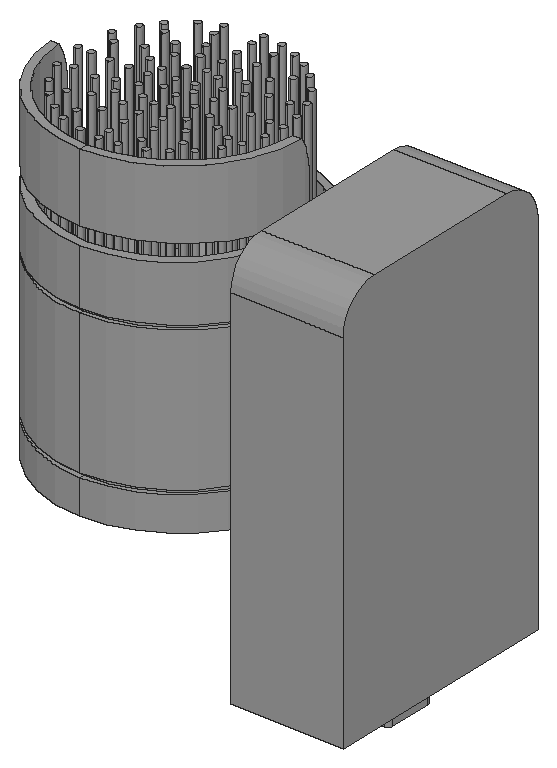
Revit family "Alcon - 13127MD Revit - Family", category Generic Models, host Face, Revit 2025
Family settings
  Host = Face
  Can host rebar = No
  Round Connector Dimension = Use Diameter
  Part Type = Normal
  Cut with Voids When Loaded = No
  Maintain Annotation Orientation = No
  Shared = No
  Room Calculation Point = No
Parameters
  URL = "https://www.alconlighting.com/?srsltid=AfmBOooDPhGQ0dEP-X2PMtxFfvvWpIAEL4jCll_O2F4_to5onvhnBomy"
  Product Page URL = ""
  Model = "13127-MD"
  Manufacturer = "ALCON Lighting"
  Fixture Rotation = 90.00°
  Default Elevation = 4' - 0"
  Body = Default
Reference planes (in)
  plane 1 "Center (Front/Back)": y = 0
  plane 2: z = 0
  plane 3 "Center (Left/Right)": x = 0
Forms (in)
  Extrusion 1, solid, material "Default" <- "Body"
    sketch origin (0, -2.01929, 6.375) x (0, -1, 0) y (0, 0, -1)
      loop
        line (-3.76929, 5.875) -> (-3.76929, 0.56096)
        arc (-3.76929, 0.56096) -> (-3.60499, 0.1643) -> (-3.20833, 0) r 0.56096
        line (-3.20833, 0) -> (-0.83179, 0)
        arc (-0.83179, 0) -> (-0.43404, 0.16475) -> (-0.26929, 0.5625) r 0.5625
        line (-0.26929, 0.5625) -> (-0.26929, 5.875) -> (-3.76929, 5.875)
    from 0 to 1.625
  Extrusion 2, solid, material "Default" <- "Body"
    sketch origin (0.8125, 0, 0.5) x (0, 1, 0) y (1, 0, 0)
      loop
        arc (-0.375, -0.3125) -> (-0.35669, -0.35669) -> (-0.3125, -0.375) r 0.0625
        line (-0.3125, -0.375) -> (0.3125, -0.375)
        arc (0.3125, -0.375) -> (0.35669, -0.35669) -> (0.375, -0.3125) r 0.0625
        line (0.375, -0.3125) -> (0.375, 0.3125)
        arc (0.375, 0.3125) -> (0.35669, 0.35669) -> (0.3125, 0.375) r 0.0625
        line (0.3125, 0.375) -> (-0.3125, 0.375)
        arc (-0.3125, 0.375) -> (-0.35669, 0.35669) -> (-0.375, 0.3125) r 0.0625
        line (-0.375, 0.3125) -> (-0.375, -0.3125)
    from 0 to 0.5
Lines and regions (in)
  reference lines
    curve 1: line (0, 5.251, 5.01399) -> (0, -6.499, 5.01399)
Dimensions and locks (in)
  "Fixture Rotation": angle nested 1 to curve 1
  aligned and locked: plane 2 to host face
  aligned and locked: level to host face
Automatic sketch dimensions
  host sketch curve to host sketch curve = 8' - 0"  (x2)
  level to Extrusion 1 sketch curve = 0' - 0 1/2"
  Extrusion 1 sketch curve to plane 1 "Center (Front/Back)" = 0' - 1 3/4"
  Extrusion 1 sketch curve to Extrusion 1 sketch curve = 0' - 0.56096"
  plane 1 "Center (Front/Back)" to Extrusion 1 sketch curve = 0' - 1 3/16"
  plane 1 "Center (Front/Back)" to Extrusion 1 sketch curve = 0' - 1 3/4"
  Extrusion 1 sketch curve to Extrusion 1 sketch curve = 0' - 5 5/16"
  plane 1 "Center (Front/Back)" to Extrusion 2 sketch curve = 0' - 0 3/8"
  Extrusion 2 sketch curve to Extrusion 2 sketch curve = 0' - 0 1/16"  (x3)
  Extrusion 2 sketch curve to plane 1 "Center (Front/Back)" = 0' - 0 5/16"  (x2)
  plane 3 "Center (Left/Right)" to Extrusion 2 sketch curve = 0' - 1 3/16"
  plane 3 "Center (Left/Right)" to Extrusion 2 sketch curve = 0' - 0 1/2"
  plane 1 "Center (Front/Back)" to curve 1 = 0' - 6.499"
  level to curve 1 = 0' - 5.01399"
  curve 1 to plane 1 "Center (Front/Back)" = 0' - 5.251"
Nested families (in)
  nested 1: "Alcon - 13127MD Cylinder" at (-2.12442, -0.00396, 5.96463) x (0, 0, 1) z (1, 0, 0), type "Alcon - 13127MD Cylinder"
    with built-in parameter 1001306 0.22917 (stored number, unit not read)
Definition of nested family "Alcon - 13127MD Cylinder"
  Parameters (values of type "Alcon - 13127MD Cylinder")
    Wattage = 9.2903 W
    built-in parameter 1150110 = 1 (stored number, unit not read)
    built-in parameter 1114217 = 1 (stored number, unit not read)
    Tilt Angle = 60.00°
    built-in parameter 1150109 = 1 (stored number, unit not read)
    built-in parameter 1150134 = 3
    built-in parameter 1150113 = 1 (stored number, unit not read)
    built-in parameter 1010507 = 1.5708 (stored number, unit not read)
    built-in parameter 1010506 = 0.5236 (stored number, unit not read)
    built-in parameter 1150105 = 4614.1 (stored number, unit not read)
    Lumens = 1380 lm
    built-in parameter 1150115 = 1 (stored number, unit not read)
    Light Source Symbol Length = 10' - 0"
    built-in parameter 1150137 = (empty or 0)
    built-in parameter 1150139 = (empty or 0)
    built-in parameter 1001306 [instance] = 4' - 0"
    built-in parameter 1150112 = 1 (stored number, unit not read)
    built-in parameter 1150114 = 1 (stored number, unit not read)
    built-in parameter 1150132 = (empty or 0)
    built-in parameter 1150102 = (empty or 0)
    built-in parameter 1150107 = 3200 (stored number, unit not read)
    built-in parameter 1150138 = (empty or 0)
    built-in parameter 1150106 = 46.141 (stored number, unit not read)
    Glass = none
    built-in parameter 1150104 = 13.8 (stored number, unit not read)
    Dimming Lamp Color Temperature Shift = (empty or 0)
    Default Elevation = 0' - 0"
    Color Filter = 16777215
    Body = none
    built-in parameter 1114218 = 1 (stored number, unit not read)
    built-in parameter 1150133 = 10 (stored number, unit not read)
  Reference planes (in)
    plane 1 "Center (Front/Back)": y = 0
    plane 2: z = 0
    plane 3 "Left": x = 0
    plane 4 "Right": x = 48
  Forms (in)
    Revolve 1, solid, material <- "Body"
      sketch origin (1, 0, 0) x (-1, 0, 0) y (0, -1, 0)
        loop
          line (0, -1.8125) -> (2.0625, -1.8125) -> (2.0625, -1.75) -> (2.125, -1.75) -> (2.125, -1.8125) -> (4.1875, -1.8125) -> (4.1875, -1.75) -> (4.25, -1.75) -> (4.25, -1.8125) -> (4.75, -1.8125) -> (4.75, -1.6875) -> (4.5, -1.6875) -> (4.5, -1.4375) -> (4.375, -1.4375) -> (4.375, -1.6875) -> (2.875, -1.6875) -> (2.875, 0) -> (1.95065, 0) -> (1.95065, -1.6875) -> (0, -1.6875) -> (0, -1.8125)
        axis (0, 0) -> (4.75, 0)
      angle from 0 to 360
    Extrusion 2, void
      sketch origin (1, 0, 0) x (-1, 0, 0) y (0, -1, 0)
        loop
          line (1.02283, -0.34158) -> (0.99157, -2.19958) -> (1.26241, -2.19958) -> (1.23115, -0.34158)
          arc (1.23115, -0.34158) -> (1.12699, -0.23916) -> (1.02283, -0.34158) r 0.10417
        loop
          line (-0.36011, 2.30042) -> (-0.36011, -0.48714)
          arc (-0.36011, -0.48714) -> (-0.02066, -0.09687) -> (0.47572, 0.04855) r 0.91992
          line (0.47572, 0.04855) -> (1.0487, 0.04855)
          arc (1.0487, 0.04855) -> (1.36905, 0.17213) -> (1.52339, 0.47885) r 0.47698
          line (1.52339, 0.47885) -> (1.6707, 2.30042) -> (-0.36011, 2.30042)
      from -3.16902 to 2.81842
    Extrusion 3, solid, material <- "Body"
      sketch origin (0, 0, 0) x (0, 1, 0) y (0, 0, -1)
        loop
          circle (0, -0.19072) r 0.04646
        loop
          circle (0.17608, -0.07675) r 0.04646
        loop
          circle (0.1126, 0.15257) r 0.04646
        loop
          circle (-0.10907, 0.1561) r 0.04646
        loop
          circle (-0.15845, -0.08557) r 0.04646
        loop
          circle (0, -0.47664) r 0.04646
        loop
          circle (0.47664, 0) r 0.04646
        loop
          circle (0, 0.47664) r 0.04646
        loop
          circle (-0.47664, 0) r 0.04646
        loop
          circle (-0.25258, -0.40421) r 0.04646
        loop
          circle (-0.43543, -0.19387) r 0.04646
        loop
          circle (-0.39789, 0.23517) r 0.04646
        loop
          circle (-0.20077, 0.43229) r 0.04646
        loop
          circle (0.24486, 0.40893) r 0.04646
        loop
          circle (0.43229, 0.20077) r 0.04646
        loop
          circle (0.43229, -0.20077) r 0.04646
        loop
          circle (0.24932, -0.40623) r 0.04646
        loop
          circle (0, -0.74701) r 0.04646
        loop
          circle (-0.74701, 0) r 0.04646
        loop
          circle (0, 0.74701) r 0.04646
        loop
          circle (0.74701, 0) r 0.04646
        loop
          circle (0.53735, -0.51891) r 0.04646
        loop
          circle (-0.53735, -0.51891) r 0.04646
        loop
          circle (0.53735, 0.51891) r 0.04646
        loop
          circle (-0.53735, 0.51891) r 0.04646
        loop
          circle (0.69261, 0.27983) r 0.04646
        loop
          circle (0.69261, -0.30278) r 0.04646
        loop
          circle (0.32075, -0.67464) r 0.04646
        loop
          circle (-0.32075, -0.67464) r 0.04646
        loop
          circle (-0.69537, -0.27291) r 0.04646
        loop
          circle (-0.69537, 0.27291) r 0.04646
        loop
          circle (-0.29379, 0.67449) r 0.04646
        loop
          circle (0.32106, 0.67449) r 0.04646
        loop
          circle (0, -1.01738) r 0.04646
        loop
          circle (1.01738, 0) r 0.04646
        loop
          circle (0, 1.01738) r 0.04646
        loop
          circle (-1.01738, 0) r 0.04646
        loop
          circle (-0.75606, -0.68076) r 0.04646
        loop
          circle (0.75606, -0.68076) r 0.04646
        loop
          circle (0.75606, 0.68076) r 0.04646
        loop
          circle (-0.75606, 0.68076) r 0.04646
        loop
          circle (-0.93207, 0.37591) r 0.04646
        loop
          circle (-0.93207, -0.34991) r 0.04646
        loop
          circle (-0.46743, -0.90364) r 0.04646
        loop
          circle (0.46743, -0.90364) r 0.04646
        loop
          circle (0.94755, -0.37041) r 0.04646
        loop
          circle (0.94755, 0.37041) r 0.04646
        loop
          circle (0.41722, 0.90074) r 0.04646
        loop
          circle (-0.47299, 0.90074) r 0.04646
        loop
          circle (0, -1.28775) r 0.04646
        loop
          circle (0, 1.28775) r 0.04646
        loop
          circle (1.28775, 0) r 0.04646
        loop
          circle (-1.28775, 0) r 0.04646
        loop
          circle (-0.95698, -0.86167) r 0.04646
        loop
          circle (-0.4824, -1.19398) r 0.04646
        loop
          circle (-1.23786, -0.35495) r 0.04646
        loop
          circle (0.98647, -0.82775) r 0.04646
        loop
          circle (0.57979, -1.14984) r 0.04646
        loop
          circle (1.21935, -0.41412) r 0.04646
        loop
          circle (1.14984, 0.57979) r 0.04646
        loop
          circle (0.87328, 0.94641) r 0.04646
        loop
          circle (0.38297, 1.22948) r 0.04646
        loop
          circle (-0.88318, 0.93717) r 0.04646
        loop
          circle (-1.19789, 0.47261) r 0.04646
        loop
          circle (-0.34481, 1.24073) r 0.04646
        loop
          circle (-0.00198, -1.48098) r 0.04646
        loop
          circle (1.48493, -0.00396) r 0.04646
        loop
          circle (-0.00198, 1.479) r 0.04646
        loop
          circle (-1.49483, 0) r 0.04646
        loop
          circle (-1.11044, -0.97731) r 0.04646
        loop
          circle (-0.59247, -1.35367) r 0.04646
        loop
          circle (-1.39125, -0.53907) r 0.04646
        loop
          circle (-1.47284, -0.28514) r 0.04646
        loop
          circle (-1.26957, -0.75752) r 0.04646
        loop
          circle (-0.86866, -1.19404) r 0.04646
        loop
          circle (-0.28962, -1.44629) r 0.04646
        loop
          circle (1.04533, -1.04737) r 0.04646
        loop
          circle (0.5862, -1.3572) r 0.04646
        loop
          circle (1.35918, -0.59411) r 0.04646
        loop
          circle (0.2851, -1.44836) r 0.04646
        loop
          circle (0.80066, -1.23266) r 0.04646
        loop
          circle (1.23069, -0.82637) r 0.04646
        loop
          circle (1.46391, -0.26287) r 0.04646
        loop
          circle (1.03879, 1.06382) r 0.04646
        loop
          circle (1.37544, 0.59249) r 0.04646
        loop
          circle (0.45877, 1.41496) r 0.04646
        loop
          circle (1.45837, 0.27967) r 0.04646
        loop
          circle (1.23532, 0.83134) r 0.04646
        loop
          circle (0.80167, 1.26103) r 0.04646
        loop
          circle (-1.037, 1.06665) r 0.04646
        loop
          circle (-1.40863, 0.50544) r 0.04646
        loop
          circle (-0.50566, 1.39852) r 0.04646
        loop
          circle (-0.81143, 1.24462) r 0.04646
        loop
          circle (-1.28155, 0.77846) r 0.04646
      from -1 to 0.95065
    Revolve 4, solid, material <- "Glass"
      sketch origin (1, 0, 0) x (-1, 0, 0) y (0, -1, 0)
        loop
          line (4.375, -1.43769) -> (4.5, -1.43769) -> (4.5, 0) -> (4.375, 0) -> (4.375, -1.43769)
        axis (4.375, 0) -> (4.5, 0)
      angle from 0 to 360
    Extrusion 5, solid
      sketch origin (-3.75, 0, 1.56192) x (0, -1, 0) y (-1, 0, 0)
        loop
          circle (0, -2.79935) r 0.46426
      from 0 to -1
  Cuts and joins
    Extrusion 2 cuts Revolve 1
  Lines and regions (in)
    reference lines
      curve 1: line (0, 0, 0) -> (48, 0, 0)
    model lines
      curve 2: line (2.46713, 0, 0) -> (14.21713, 0, 0)
      curve 3: line (-0.95065, -0.00198, 0) -> (-15.45065, -0.00198, 0)
  Dimensions and locks (in)
    "built-in parameter 1001306": plane 3 "Left" to plane 4 "Right"
    aligned and locked: plane 4 "Right" to curve 1
    aligned and locked: plane 1 "Center (Front/Back)" to curve 1
    aligned and locked: plane 3 "Left" to curve 1
    aligned and locked: level to plane 2
  Automatic sketch dimensions
    curve 2 to level = 0' - 0"
    plane 3 "Left" to curve 2 = 0' - 2.46713"
    curve 2 to curve 2 = 0' - 11 3/4"
    plane 3 "Left" to Extrusion 2 sketch curve = 0' - 1.36011"
    plane 3 "Left" to Extrusion 2 sketch curve = 0' - 0.52428"
    plane 3 "Left" to Extrusion 2 sketch curve = 0' - 0.00843"
    Extrusion 2 sketch curve to plane 3 "Left" = 0' - 0.02283"
    Extrusion 2 sketch curve to plane 3 "Left" = 0' - 0.0487"
    Extrusion 2 sketch curve to Extrusion 2 sketch curve = 0' - 0.10416"  (x2)
    Extrusion 2 sketch curve to plane 3 "Left" = 0' - 0.26241"
    Extrusion 2 sketch curve to Extrusion 2 sketch curve = 0' - 0.47469"
    Extrusion 2 sketch curve to plane 3 "Left" = 0' - 0.6707"
    Extrusion 2 sketch curve to plane 1 "Center (Front/Back)" = 0' - 2.19958"
    Extrusion 2 sketch curve to plane 1 "Center (Front/Back)" = 0' - 0.87137"
    Extrusion 2 sketch curve to plane 1 "Center (Front/Back)" = 0' - 0.48714"
    Extrusion 2 sketch curve to plane 1 "Center (Front/Back)" = 0' - 0.34333"
    Extrusion 2 sketch curve to Extrusion 2 sketch curve = 0' - 0.00175"
    plane 1 "Center (Front/Back)" to Extrusion 2 sketch curve = 0' - 0.47885"
    Extrusion 2 sketch curve to Extrusion 2 sketch curve = 0' - 1.77489"
    plane 1 "Center (Front/Back)" to Revolve 4 sketch curve = 0' - 0"  (x2)
    Revolve 4 sketch curve to plane 3 "Left" = 0' - 3 3/8"
    Revolve 4 sketch curve to Revolve 4 sketch curve = 0' - 0 1/8"
    Revolve 4 sketch curve to Revolve 4 sketch curve = 0' - 1.43769"
    Revolve 4 sketch curve to Revolve 4 sketch curve = 0' - 0.41901"
    Revolve 4 sketch curve to Revolve 4 sketch curve = 0' - 0.80418"
    Extrusion 3 sketch curve to level = 0' - 0"  (x9)
    Extrusion 3 sketch curve to plane 1 "Center (Front/Back)" = 0' - 0"  (x9)
    plane 1 "Center (Front/Back)" to Extrusion 3 sketch curve = 0' - 0.00198"  (x2)
    plane 1 "Center (Front/Back)" to Extrusion 3 sketch curve = 0' - 0.10907"
    plane 1 "Center (Front/Back)" to Extrusion 3 sketch curve = 0' - 0.15845"
    plane 1 "Center (Front/Back)" to Extrusion 3 sketch curve = 0' - 0.20077"
    plane 1 "Center (Front/Back)" to Extrusion 3 sketch curve = 0' - 0.25258"
    plane 1 "Center (Front/Back)" to Extrusion 3 sketch curve = 0' - 0.28962"
    Extrusion 3 sketch curve to Extrusion 3 sketch curve = 0' - 0.09302"
    Extrusion 3 sketch curve to Extrusion 3 sketch curve = 0' - 0.06817"
    plane 1 "Center (Front/Back)" to Extrusion 3 sketch curve = 0' - 0.34481"
    Extrusion 3 sketch curve to Extrusion 3 sketch curve = 0' - 0.19712"  (x2)
    Extrusion 3 sketch curve to Extrusion 3 sketch curve = 0' - 0.18285"
    Extrusion 3 sketch curve to Extrusion 3 sketch curve = 0' - 0.14668"  (x2)
    Extrusion 3 sketch curve to Extrusion 3 sketch curve = 0' - 0.1792"
    Extrusion 3 sketch curve to Extrusion 3 sketch curve = 0' - 0.04121"
    Extrusion 3 sketch curve to Extrusion 3 sketch curve = 0' - 0.01497"
    Extrusion 3 sketch curve to Extrusion 3 sketch curve = 0' - 0.16085"
    Extrusion 3 sketch curve to Extrusion 3 sketch curve = 0' - 0.2166"  (x2)
    Extrusion 3 sketch curve to Extrusion 3 sketch curve = 0' - 0.24356"
    Extrusion 3 sketch curve to Extrusion 3 sketch curve = 0' - 0.11007"
    Extrusion 3 sketch curve to Extrusion 3 sketch curve = 0' - 0.25994"
    Extrusion 3 sketch curve to Extrusion 3 sketch curve = 0' - 0.15802"
    Extrusion 3 sketch curve to Extrusion 3 sketch curve = 0' - 0.27037"  (x12)
    Extrusion 3 sketch curve to Extrusion 3 sketch curve = 0' - 0.21871"  (x4)
    Extrusion 3 sketch curve to Extrusion 3 sketch curve = 0' - 0.30577"
    Extrusion 3 sketch curve to Extrusion 3 sketch curve = 0' - 0.27618"
    Extrusion 3 sketch curve to Extrusion 3 sketch curve = 0' - 0.12712"
    Extrusion 3 sketch curve to Extrusion 3 sketch curve = 0' - 0.2367"  (x2)
    Extrusion 3 sketch curve to Extrusion 3 sketch curve = 0' - 0.20093"
    Extrusion 3 sketch curve to Extrusion 3 sketch curve = 0' - 0.15382"
    Extrusion 3 sketch curve to Extrusion 3 sketch curve = 0' - 0.15345"
    Extrusion 3 sketch curve to Extrusion 3 sketch curve = 0' - 0.26582"
    Extrusion 3 sketch curve to Extrusion 3 sketch curve = 0' - 0.3058"
    Extrusion 3 sketch curve to Extrusion 3 sketch curve = 0' - 0.15913"
    Extrusion 3 sketch curve to Extrusion 3 sketch curve = 0' - 0.08366"
    Extrusion 3 sketch curve to Extrusion 3 sketch curve = 0' - 0.15339"
    Extrusion 3 sketch curve to Extrusion 3 sketch curve = 0' - 0.21074"
    Extrusion 3 sketch curve to Extrusion 3 sketch curve = 0' - 0.23497"
    Extrusion 3 sketch curve to Extrusion 3 sketch curve = 0' - 0.20707"
    Extrusion 3 sketch curve to plane 1 "Center (Front/Back)" = 0' - 0.1126"
    level to Extrusion 3 sketch curve = 0' - 0.07675"
    Extrusion 3 sketch curve to plane 1 "Center (Front/Back)" = 0' - 0.17608"
    Extrusion 3 sketch curve to plane 1 "Center (Front/Back)" = 0' - 0.24486"
    Extrusion 3 sketch curve to plane 1 "Center (Front/Back)" = 0' - 0.24932"
    Extrusion 3 sketch curve to plane 1 "Center (Front/Back)" = 0' - 0.2851"
    Extrusion 3 sketch curve to Extrusion 3 sketch curve = 0' - 0.07143"
    Extrusion 3 sketch curve to Extrusion 3 sketch curve = 0' - 0.07621"
    Extrusion 3 sketch curve to plane 1 "Center (Front/Back)" = 0' - 0.38297"
    Extrusion 3 sketch curve to Extrusion 3 sketch curve = 0' - 0.09616"
    Extrusion 3 sketch curve to Extrusion 3 sketch curve = 0' - 0.18743"
    Extrusion 3 sketch curve to Extrusion 3 sketch curve = 0' - 0.18297"
    Extrusion 3 sketch curve to Extrusion 3 sketch curve = 0' - 0.0758"
    Extrusion 3 sketch curve to Extrusion 3 sketch curve = 0' - 0.04435"  (x2)
    Extrusion 3 sketch curve to Extrusion 3 sketch curve = 0' - 0.21629"
    Extrusion 3 sketch curve to Extrusion 3 sketch curve = 0' - 0.11236"
    Extrusion 3 sketch curve to Extrusion 3 sketch curve = 0' - 0.00641"
    Extrusion 3 sketch curve to Extrusion 3 sketch curve = 0' - 0.15526"
    Extrusion 3 sketch curve to Extrusion 3 sketch curve = 0' - 0.26033"
    Extrusion 3 sketch curve to Extrusion 3 sketch curve = 0' - 0.22087"
    Extrusion 3 sketch curve to Extrusion 3 sketch curve = 0' - 0.3429"
    Extrusion 3 sketch curve to Extrusion 3 sketch curve = 0' - 0.11722"
    Extrusion 3 sketch curve to Extrusion 3 sketch curve = 0' - 0.25494"  (x2)
    Extrusion 3 sketch curve to Extrusion 3 sketch curve = 0' - 0.23041"
    Extrusion 3 sketch curve to Extrusion 3 sketch curve = 0' - 0.16551"
    Extrusion 3 sketch curve to Extrusion 3 sketch curve = 0' - 0.05886"
    Extrusion 3 sketch curve to Extrusion 3 sketch curve = 0' - 0.20229"
    Extrusion 3 sketch curve to Extrusion 3 sketch curve = 0' - 0.27179"
    Extrusion 3 sketch curve to Extrusion 3 sketch curve = 0' - 0.24421"
    Extrusion 3 sketch curve to Extrusion 3 sketch curve = 0' - 0.08548"
    Extrusion 3 sketch curve to Extrusion 3 sketch curve = 0' - 0.13983"
    Extrusion 3 sketch curve to Extrusion 3 sketch curve = 0' - 0.2256"
    Extrusion 3 sketch curve to Extrusion 3 sketch curve = 0' - 0.08292"
    Extrusion 3 sketch curve to Extrusion 3 sketch curve = 0' - 0.24457"
    level to Extrusion 3 sketch curve = 0' - 0.00396"
    Extrusion 3 sketch curve to Extrusion 3 sketch curve = 0' - 0.19718"
    level to Extrusion 3 sketch curve = 0' - 0.08557"
    Extrusion 3 sketch curve to Extrusion 3 sketch curve = 0' - 0.10516"
    level to Extrusion 3 sketch curve = 0' - 0.19387"
    level to Extrusion 3 sketch curve = 0' - 0.20077"
    Extrusion 3 sketch curve to Extrusion 3 sketch curve = 0' - 0.25892"
    Extrusion 3 sketch curve to Extrusion 3 sketch curve = 0' - 0.07904"
    level to Extrusion 3 sketch curve = 0' - 0.28514"
    Extrusion 3 sketch curve to Extrusion 3 sketch curve = 0' - 0.102"
    Extrusion 3 sketch curve to Extrusion 3 sketch curve = 0' - 0.077"
    Extrusion 3 sketch curve to Extrusion 3 sketch curve = 0' - 0.06982"
    Extrusion 3 sketch curve to Extrusion 3 sketch curve = 0' - 0.06764"
    Extrusion 3 sketch curve to Extrusion 3 sketch curve = 0' - 0.21034"
    Extrusion 3 sketch curve to Extrusion 3 sketch curve = 0' - 0.20546"
    Extrusion 3 sketch curve to Extrusion 3 sketch curve = 0' - 0.04371"
    Extrusion 3 sketch curve to Extrusion 3 sketch curve = 0' - 0.0704"
    Extrusion 3 sketch curve to Extrusion 3 sketch curve = 0' - 0.24601"  (x2)
    Extrusion 3 sketch curve to Extrusion 3 sketch curve = 0' - 0.21614"
    Extrusion 3 sketch curve to Extrusion 3 sketch curve = 0' - 0.18412"
    Extrusion 3 sketch curve to Extrusion 3 sketch curve = 0' - 0.17999"
    Extrusion 3 sketch curve to Extrusion 3 sketch curve = 0' - 0.15573"  (x2)
    Extrusion 3 sketch curve to Extrusion 3 sketch curve = 0' - 0.16184"  (x4)
    Extrusion 3 sketch curve to Extrusion 3 sketch curve = 0' - 0.21846"
    Extrusion 3 sketch curve to Extrusion 3 sketch curve = 0' - 0.23226"
    Extrusion 3 sketch curve to Extrusion 3 sketch curve = 0' - 0.00138"
    Extrusion 3 sketch curve to Extrusion 3 sketch curve = 0' - 0.18091"
    Extrusion 3 sketch curve to Extrusion 3 sketch curve = 0' - 0.229"  (x2)
    Extrusion 3 sketch curve to Extrusion 3 sketch curve = 0' - 0.11564"
    Extrusion 3 sketch curve to Extrusion 3 sketch curve = 0' - 0.21962"
    Extrusion 3 sketch curve to Extrusion 3 sketch curve = 0' - 0.2462"
    Extrusion 3 sketch curve to Extrusion 3 sketch curve = 0' - 0.29034"
    Extrusion 3 sketch curve to Extrusion 3 sketch curve = 0' - 0.21673"
    Extrusion 3 sketch curve to Extrusion 3 sketch curve = 0' - 0.08282"
    Extrusion 3 sketch curve to Extrusion 3 sketch curve = 0' - 0.15969"
    Extrusion 3 sketch curve to Extrusion 3 sketch curve = 0' - 0.20736"
    Extrusion 3 sketch curve to Extrusion 3 sketch curve = 0' - 0.09262"
    Extrusion 3 sketch curve to Extrusion 3 sketch curve = 0' - 0.09116"
    Extrusion 3 sketch curve to Extrusion 3 sketch curve = 0' - 0.19323"
    Extrusion 3 sketch curve to level = 0' - 0.15257"
    Extrusion 3 sketch curve to level = 0' - 0.1561"
    Extrusion 3 sketch curve to level = 0' - 0.20077"
    Extrusion 3 sketch curve to level = 0' - 0.23517"
    Extrusion 3 sketch curve to level = 0' - 0.27291"
    Extrusion 3 sketch curve to level = 0' - 0.27967"
    Extrusion 3 sketch curve to Extrusion 3 sketch curve = 0' - 0.07906"
    Extrusion 3 sketch curve to Extrusion 3 sketch curve = 0' - 0.09058"
    Extrusion 3 sketch curve to Extrusion 3 sketch curve = 0' - 0.103"
    Extrusion 3 sketch curve to Extrusion 3 sketch curve = 0' - 0.20816"
    Extrusion 3 sketch curve to Extrusion 3 sketch curve = 0' - 0.09671"
    Extrusion 3 sketch curve to Extrusion 3 sketch curve = 0' - 0.03283"
    Extrusion 3 sketch curve to Extrusion 3 sketch curve = 0' - 0.23908"
    Extrusion 3 sketch curve to Extrusion 3 sketch curve = 0' - 0.20938"
    Extrusion 3 sketch curve to Extrusion 3 sketch curve = 0' - 0.0127"
    Extrusion 3 sketch curve to Extrusion 3 sketch curve = 0' - 0.15558"
    Extrusion 3 sketch curve to Extrusion 3 sketch curve = 0' - 0 31/128"
    Extrusion 3 sketch curve to Extrusion 3 sketch curve = 0' - 0.27302"
    Extrusion 3 sketch curve to Extrusion 3 sketch curve = 0' - 0.25155"
    Extrusion 3 sketch curve to Extrusion 3 sketch curve = 0' - 0.22625"  (x2)
    Extrusion 3 sketch curve to Extrusion 3 sketch curve = 0' - 0.25641"
    Extrusion 3 sketch curve to Extrusion 3 sketch curve = 0' - 0.26565"
    Extrusion 3 sketch curve to Extrusion 3 sketch curve = 0' - 0.11741"
    Extrusion 3 sketch curve to Extrusion 3 sketch curve = 0' - 0.12948"
    Extrusion 3 sketch curve to Extrusion 3 sketch curve = 0' - 0.32874"
    Extrusion 3 sketch curve to Extrusion 3 sketch curve = 0' - 0.33998"
    Extrusion 3 sketch curve to Extrusion 3 sketch curve = 0' - 0.17797"
    Extrusion 3 sketch curve to Extrusion 3 sketch curve = 0' - 0.19722"
    Extrusion 3 sketch curve to Extrusion 3 sketch curve = 0' - 0.15779"
    Extrusion 3 sketch curve to Extrusion 3 sketch curve = 0' - 0.18548"
    Extrusion 3 sketch curve to Extrusion 3 sketch curve = 0' - 0.19125"
    plane 1 "Center (Front/Back)" to Revolve 1 sketch curve = 0' - 0"  (x2)
    plane 3 "Left" to Revolve 1 sketch curve = 0' - 1"
    Revolve 1 sketch curve to plane 3 "Left" = 0' - 0.95065"
    Revolve 1 sketch curve to Revolve 1 sketch curve = 0' - 0.11185"
    Revolve 1 sketch curve to Revolve 1 sketch curve = 0' - 0 1/16"  (x6)
    Revolve 1 sketch curve to Revolve 1 sketch curve = 0' - 0.92435"
    Revolve 1 sketch curve to Revolve 1 sketch curve = 0' - 1 5/16"
    Revolve 1 sketch curve to Revolve 1 sketch curve = 0' - 0 1/8"  (x2)
    Revolve 1 sketch curve to Revolve 1 sketch curve = 0' - 0 1/4"  (x2)
    Revolve 1 sketch curve to plane 1 "Center (Front/Back)" = 0' - 1 7/16"
    Revolve 1 sketch curve to Revolve 1 sketch curve = 0' - 0"  (x3)
    Revolve 1 sketch curve to Revolve 1 sketch curve = 0' - 1"
    Revolve 1 sketch curve to Revolve 1 sketch curve = 0' - 1 1/4"
    plane 1 "Center (Front/Back)" to Extrusion 5 sketch curve = 0' - 0"
    Extrusion 5 sketch curve to plane 3 "Left" = 0' - 0.95065"
    plane 1 "Center (Front/Back)" to curve 3 = 0' - 0.00198"
    curve 3 to plane 3 "Left" = 1' - 3.45065"
    curve 3 to plane 3 "Left" = 0' - 0.95065"
    radius of Extrusion 5 sketch curve = 0' - 0.46426"
    radius of Extrusion 3 sketch curve = 0' - 0.04646"  (x94)
